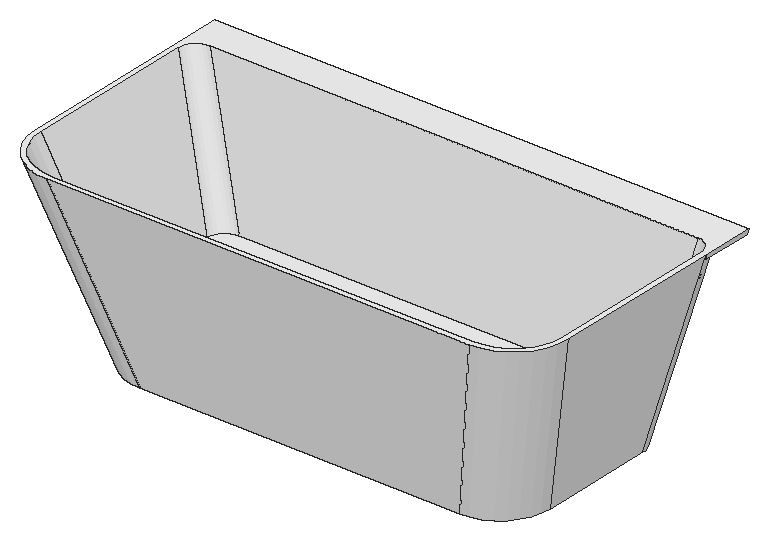
Revit family "PlumFix_Bath_ABEY_Patinato_Petite ClearStone_1524mm_Face Based", category Plumbing Fixtures, host Face, Revit 2016
Family settings
  Host = Face
  Part Type = Normal
  Round Connector Dimension = Use Diameter
  OmniClass Number = 23.45.05.14.21
  OmniClass Title = Bathtubs
  Cut with Voids When Loaded = Yes
  Shared = No
  Room Calculation Point = No
Parameters (values of type "1524w x 800d x 550h")
  Waste Connection = yes
  Vent Connection = no
  URL = "https://www.abey.com.au/"
  Type Comments = "1524w"
  ModifiedIssue_ANZRS = 20190823
  Model = "22829"
  Manufacturer_URL__Product Specific = "https://www.abey.com.au/product/bathroom/patinato-petite-1524-clearstone-bath/"
  Manufacturer_Spec Code = Model  # "22829"
  Manufacturer_Overall Width = 1524 mm  # constant formula
  Manufacturer_Overall Height = 550 mm  # constant formula
  Manufacturer_Overall Depth = 800 mm  # constant formula
  Manufacturer = "Abey Australia"  # constant formula
  Keynote = ""
  HW Connection = no
  Description = "Patinato - Petite 1524mm ClearStone Bath - White Stone"
  Default Elevation = 0 mm
  CreatedBy_ANZRS = "IGS BIM Solutions"  # constant formula
  CreatedByURL_ANZRS = "https://igsgroup.com.au"
  CW Connection = no
  BodyMaterial = z_Abey_White Stone
  Assembly Code = "0.00"
Reference planes
  plane 1 "Center (Front/Back)": y = -40
  plane 2 "Bottom": z = 0
  plane 3 "Center (Left/Right)": x = 40.57
  plane 4 "Front": y = -440
  plane 5 "Left": x = -721.43
  plane 6 "Right": x = 802.57
  plane 7 "Top": z = 550
  plane 8 "Bottom1": z = -64
  plane 9 "Back": y = 360
  plane 10 "Center (Elevation)": z = 275
Text (mm)
  text "Disclaimer:\n\nDue to ongoing product development and manufacturing evolution, product details are subject to change without notice.\n\nPlease refer to product technical data sheets on the manufacturer's website for the most current product information. Please allow a +/- 5mm manufacturing tolerance for dimensions and set-outs shown in product literature." at (1088.866, 252.072, 0), in view "Ref. Level_Instruction"
Dimensions and locks
  "Manufacturer_Overall Height": plane 7 "Top" to plane 2 "Bottom"
  equal spacing: plane 5 "Left", plane 3 "Center (Left/Right)", plane 6 "Right"
  "Manufacturer_Overall Width": plane 5 "Left" to plane 6 "Right"
  locked: plane 2 "Bottom" to plane 8 "Bottom1" at 64
  equal spacing: plane 4 "Front", plane 1 "Center (Front/Back)", plane 9 "Back"
  "Manufacturer_Overall Depth": plane 4 "Front" to plane 9 "Back"
  equal spacing: plane 7 "Top", plane 10 "Center (Elevation)", plane 2 "Bottom"
  aligned and locked: plane 2 "Bottom" to host face
  aligned and locked: level to host face
  aligned and locked: nested 1 to plane 1 "Center (Front/Back)"
  aligned and locked: plane 3 "Center (Left/Right)" to nested 1
Automatic sketch dimensions
  host sketch curve to host sketch curve = 1524 mm
  host sketch curve to host sketch curve = 800 mm
Nested families
  nested 1: "z_PlumFix_Bath_ABEY_Patinato_Petite ClearStone_1524mm" at (-57.451, 425.75, 0), type "22829"
Connectors
  piping at (40.57, -40, 38), diameter 50
    settings: on nested 1, index 1, connector inside diameter 24", connector length 0 mm, flow factor 0, pipe flow 0.00 L/s, pressure drop 0 kPa, fitting loss kfactor 0, connector angle 0.00°, fixture units 0, engagement length 0 mm, angle of deflection 0.00°, flow configuration 1, flow direction 2, fitting loss method 4, system type 16, joint type 0, gender type 0, connector reference index -1, connector utility 0, adjustable connector no, is connector primary yes, connector description "Waste Drain"
Definition of nested family "z_PlumFix_Bath_ABEY_Patinato_Petite ClearStone_1524mm"
  Parameters (values of type "Type 1")
    Waste Connection = yes
    WFU = 0
    Vent Connection = no
    URL = ""
    Type Comments = ""
    ModifiedIssue_ANZRS = 0
    Model = ""
    Manufacturer_URL__Product Specific = ""
    Manufacturer_Spec Code = ""
    Manufacturer_Overall Width = 1524 mm  # constant formula
    Manufacturer_Overall Height = 550 mm  # constant formula
    Manufacturer_Overall Depth = 800 mm  # constant formula
    Manufacturer = ""
    Keynote = ""
    HWFU = 0
    HW Connection = no
    Description = ""
    Default Elevation = 0 mm
    CreatedBy_ANZRS = ""
    CreatedByURL_ANZRS = ""
    Cost = 0
    CWFU = 0
    CW Connection = no
    BodyMaterial = none
    Assembly Code = ""
  Reference planes
    plane 1 "Ref. Level": z = 0
    plane 2 "Center (Left/Right)": x = 98.02
    plane 3 "Back": y = -65.75
    plane 4 "Left": x = -663.98
    plane 5 "Front": y = -865.75
    plane 6 "Right": x = 860.02
    plane 7 "Top": z = 550
    plane 8 "Center (Elevation)": z = 275
    plane 9 "Bottom": z = 0
    plane 10 "Center (Front/Back)": y = -465.75
  Forms (mm)
    Blend 1, solid, material <- "BodyMaterial"
      base sketch origin (0, 0, 550) x (-1, 0, 0) y (0, -1, 0)
        loop
          arc (598.98, 150.75) -> (644.942, 169.788) -> (663.98, 215.75) r 65
          line (663.98, 215.75) -> (663.98, 705.75)
          arc (663.98, 705.75) -> (617.117, 818.887) -> (503.98, 865.75) r 160
          line (503.98, 865.75) -> (-700.02, 865.75)
          arc (-700.02, 865.75) -> (-813.157, 818.887) -> (-860.02, 705.75) r 160
          line (-860.02, 705.75) -> (-860.02, 215.75)
          arc (-860.02, 215.75) -> (-840.982, 169.788) -> (-795.02, 150.75) r 65
          line (-795.02, 150.75) -> (598.98, 150.75)
      top sketch origin (0, 0, 550) x (-1, 0, 0) y (0, -1, 0)
        loop
          arc (453.98, 191.75) -> (489.335, 206.395) -> (503.98, 241.75) r 50
          line (503.98, 241.75) -> (503.98, 570.75)
          arc (503.98, 570.75) -> (461.51, 673.28) -> (358.98, 715.75) r 145
          line (358.98, 715.75) -> (-555.02, 715.75)
          arc (-555.02, 715.75) -> (-657.551, 673.28) -> (-700.02, 570.75) r 145
          line (-700.02, 570.75) -> (-700.02, 241.75)
          arc (-700.02, 241.75) -> (-685.375, 206.395) -> (-650.02, 191.75) r 50
          line (-650.02, 191.75) -> (453.98, 191.75)
      from 0 to -550
    Blend 2, void
      base sketch origin (0, 0, 550) x (-1, 0, 0) y (0, -1, 0)
        loop
          line (-795.02, 165.75) -> (598.98, 165.75)
          arc (598.98, 165.75) -> (634.335, 180.395) -> (648.98, 215.75) r 50
          line (648.98, 215.75) -> (648.98, 705.75)
          arc (648.98, 705.75) -> (606.51, 808.28) -> (503.98, 850.75) r 145
          line (503.98, 850.75) -> (-700.02, 850.75)
          arc (-700.02, 850.75) -> (-802.551, 808.28) -> (-845.02, 705.75) r 145
          line (-845.02, 705.75) -> (-845.02, 215.75)
          arc (-845.02, 215.75) -> (-830.375, 180.395) -> (-795.02, 165.75) r 50
      top sketch origin (0, 0, 550) x (-1, 0, 0) y (0, -1, 0)
        loop
          arc (486.553, 200.75) -> (523.271, 215.959) -> (538.48, 252.677) r 51.927
          line (538.48, 252.677) -> (538.48, 589.162)
          arc (538.48, 589.162) -> (494.374, 695.644) -> (387.892, 739.75) r 150.588
          line (387.892, 739.75) -> (-583.932, 739.75)
          arc (-583.932, 739.75) -> (-690.414, 695.644) -> (-734.52, 589.162) r 150.588
          line (-734.52, 589.162) -> (-734.52, 252.677)
          arc (-734.52, 252.677) -> (-719.311, 215.959) -> (-682.593, 200.75) r 51.927
          line (-682.593, 200.75) -> (486.553, 200.75)
      from 0 to -430
    Extrusion 3, solid, material <- "BodyMaterial"
      sketch origin (0, 0, 550) x (-1, 0, 0) y (0, -1, 0)
        loop
          line (598.98, 165.75) -> (-795.02, 165.75)
          arc (-795.02, 165.75) -> (-830.375, 180.395) -> (-845.02, 215.75) r 50
          line (-845.02, 215.75) -> (-860.02, 215.75) -> (-860.02, 65.75) -> (663.98, 65.75) -> (663.98, 215.75) -> (648.98, 215.75)
          arc (648.98, 215.75) -> (634.335, 180.395) -> (598.98, 165.75) r 50
      from 0 to -15
    Extrusion 4, void
      sketch origin (0, -865.75, 0) x (-1, 0, 0) y (0, 0, -1)
        loop
          line (-860.02, -550) -> (-855.652, -535) -> (-862.568, -535) -> (-862.568, -550) -> (-860.02, -550)
      from -625.626 to -820.849
    Extrusion 5, void
      sketch origin (196.04, -865.75, 0) x (1, 0, 0) y (0, 0, 1)
        loop
          line (-860.02, 550) -> (-862.568, 550) -> (-862.568, 535) -> (-855.652, 535) -> (-860.02, 550)
      from -625.626 to -820.849
    Blend 6, void
      base sketch origin (0, 0, 550) x (-1, 0, 0) y (0, -1, 0)
        loop
          arc (468.98, 200.75) -> (504.335, 215.395) -> (518.98, 250.75) r 50
          line (518.98, 250.75) -> (518.98, 579.75)
          arc (518.98, 579.75) -> (476.51, 682.28) -> (373.98, 724.75) r 145
          line (373.98, 724.75) -> (-568.02, 724.75)
          arc (-568.02, 724.75) -> (-671.965, 681.695) -> (-715.02, 577.75) r 147
          line (-715.02, 577.75) -> (-715.02, 252.75)
          arc (-715.02, 252.75) -> (-699.79, 215.98) -> (-663.02, 200.75) r 52
          line (-663.02, 200.75) -> (468.98, 200.75)
      top sketch origin (0, 0, 550) x (-1, 0, 0) y (0, -1, 0)
        loop
          arc (439.217, 206.75) -> (472.637, 220.593) -> (486.48, 254.013) r 47.263
          line (486.48, 254.013) -> (486.48, 565.002)
          arc (486.48, 565.002) -> (446.335, 661.919) -> (349.418, 702.064) r 137.062
          line (349.418, 702.064) -> (-545.458, 702.064)
          arc (-545.458, 702.064) -> (-642.375, 661.919) -> (-682.52, 565.002) r 137.062
          line (-682.52, 565.002) -> (-682.52, 254.013)
          arc (-682.52, 254.013) -> (-668.677, 220.593) -> (-635.257, 206.75) r 47.263
          line (-635.257, 206.75) -> (439.217, 206.75)
      from -450 to -550
    Revolve 7, void
      sketch origin (-25.068, -465.75, 4000) x (-1, 0, 0) y (0, 0, 1)
        loop
          line (-123.088, -4000) -> (-123.088, -3872.811) -> (-156.445, -3872.811) -> (-150.873, -3904.41) -> (-148.088, -3904.41) -> (-148.088, -4000) -> (-123.088, -4000)
        axis (-123.088, -4000) -> (-123.088, -3872.811)
      angle from 0 to 360
    Revolve 8, solid, material <- "BodyMaterial"
      sketch origin (-25.068, -465.75, 4000) x (-1, 0, 0) y (0, 0, 1)
        loop
          line (-148.088, -3900) -> (-166.142, -3900) -> (-163.879, -3907) -> (-148.088, -3907) -> (-148.088, -3900)
        axis (-123.088, -3900) -> (-123.088, -3907)
      angle from 0 to 360
  Cuts and joins
    Blend 2, Blend 6, Revolve 7 cuts Blend 1
    Extrusion 4, Extrusion 5, Blend 6, Revolve 7 cuts Extrusion 3
    joined: Blend 1, Extrusion 3, Revolve 8
  Lines and regions (mm)
    Masking region 1
      outline origin (0, -865.75, 0) x (-1, 0, 0) y (0, 0, 1)
        loop
          line (663.98, 550) -> (-860.02, 550) -> (-700.02, 0) -> (503.98, 0) -> (663.98, 550)
    Masking region 2
      outline origin (860.02, 0, 0) x (0, 1, 0) y (0, 0, 1)
        loop
          line (-865.75, 550) -> (-715.75, 0) -> (-191.75, 0) -> (-151.868, 535) -> (-65.75, 535) -> (-65.75, 550) -> (-865.75, 550)
    Masking region 3
      outline origin (0, 0, 550) x (-1, 0, 0) y (0, -1, 0)
        loop
          line (-860.02, 65.75) -> (663.98, 65.75) -> (663.98, 705.75)
          arc (663.98, 705.75) -> (617.117, 818.887) -> (503.98, 865.75) r 160
          line (503.98, 865.75) -> (-700.02, 865.75)
          arc (-700.02, 865.75) -> (-813.157, 818.887) -> (-860.02, 705.75) r 160
          line (-860.02, 705.75) -> (-860.02, 65.75)
    symbolic lines, detail levels medium+fine
      curve 1: line (-598.98, -165.75, 550) -> (795.02, -165.75, 550)
      curve 2: arc (-648.98, -215.75, 550) -> (-634.335, -180.395, 550) -> (-598.98, -165.75, 550) r 50
      curve 3: line (-648.98, -705.75, 550) -> (-648.98, -215.75, 550)
      curve 4: arc (-503.98, -850.75, 550) -> (-606.51, -808.28, 550) -> (-648.98, -705.75, 550) r 145
      curve 5: line (700.02, -850.75, 550) -> (-503.98, -850.75, 550)
      curve 6: arc (845.02, -705.75, 550) -> (802.551, -808.28, 550) -> (700.02, -850.75, 550) r 145
      curve 7: line (845.02, -215.75, 550) -> (845.02, -705.75, 550)
      curve 16: circle (98.02, -465.75, 550) r 45 normal (0, 0, -1)
      curve 17: arc (795.02, -165.75, 550) -> (830.375, -180.395, 550) -> (845.02, -215.75, 550) r 50
    symbolic lines, detail levels fine
      curve 8: line (682.593, -200.75, 550) -> (-486.553, -200.75, 550)
      curve 9: arc (-486.553, -200.75, 550) -> (-523.271, -215.959, 550) -> (-538.48, -252.677, 550) r 51.927
      curve 10: line (-538.48, -252.677, 550) -> (-538.48, -589.162, 550)
      curve 11: arc (-538.48, -589.162, 550) -> (-494.374, -695.644, 550) -> (-387.892, -739.75, 550) r 150.588
      curve 12: line (-387.892, -739.75, 550) -> (583.932, -739.75, 550)
      curve 13: arc (583.932, -739.75, 550) -> (690.414, -695.644, 550) -> (734.52, -589.162, 550) r 150.588
      curve 14: line (734.52, -589.162, 550) -> (734.52, -252.677, 550)
      curve 15: arc (734.52, -252.677, 550) -> (719.311, -215.959, 550) -> (682.593, -200.75, 550) r 51.927
      curve 18: circle (98.02, -465.75, 550) r 49.521 normal (0, 0, 1)
  Dimensions and locks
    "Manufacturer_Overall Depth": plane 5 "Front" to plane 3 "Back"
    equal spacing: plane 4 "Left", plane 2 "Center (Left/Right)", plane 6 "Right"
    "Manufacturer_Overall Width": plane 4 "Left" to plane 6 "Right"
    "Manufacturer_Overall Height": plane 7 "Top" to plane 9 "Bottom"
    equal spacing: plane 7 "Top", plane 8 "Center (Elevation)", plane 9 "Bottom"
    equal spacing: plane 5 "Front", plane 10 "Center (Front/Back)", plane 3 "Back"
    aligned and locked: plane 4 "Left" to Blend 1 sketch curve
    aligned and locked: Blend 1 sketch curve to plane 5 "Front"
    aligned and locked: Blend 1 sketch curve to plane 6 "Right"
    aligned and locked: cut or joined group of Blend 1, Blend 2, Extrusion 3, Extrusion 4, Extrusion 5, Blend 6, Revolve 7, Revolve 8 to Revolve 8 sketch curve
    aligned and locked: Revolve 8 sketch curve to plane 2 "Center (Left/Right)"
  Automatic sketch dimensions
    Blend 1 sketch curve to Blend 1 sketch curve = 65 mm
    Blend 1 sketch curve to Blend 1 sketch curve = 160 mm
    plane 4 "Left" to Blend 1 sketch curve = 160 mm
    plane 4 "Left" to Blend 1 sketch curve = 65 mm
    plane 3 "Back" to Blend 1 sketch curve = 150 mm
    Blend 1 sketch curve to plane 6 "Right" = 160 mm
    Blend 1 sketch curve to Blend 1 sketch curve = 50 mm
    Blend 1 sketch curve to Blend 1 sketch curve = 145 mm
    Blend 1 sketch curve to plane 5 "Front" = 150 mm
    plane 4 "Left" to Blend 1 sketch curve = 305 mm
    plane 4 "Left" to Blend 1 sketch curve = 210 mm
    Blend 1 sketch curve to plane 10 "Center (Front/Back)" = 105 mm
    plane 3 "Back" to Blend 1 sketch curve = 176 mm
    Blend 2 sketch curve to plane 6 "Right" = 15 mm
    Blend 2 sketch curve to Blend 2 sketch curve = 50 mm
    Blend 2 sketch curve to plane 5 "Front" = 15 mm
    Blend 2 sketch curve to plane 6 "Right" = 160 mm
    plane 4 "Left" to Blend 2 sketch curve = 160 mm
    plane 4 "Left" to Blend 2 sketch curve = 65 mm
    plane 4 "Left" to Blend 2 sketch curve = 15 mm
    plane 3 "Back" to Blend 2 sketch curve = 150 mm
    Blend 2 sketch curve to plane 6 "Right" = 125.5 mm
    Blend 2 sketch curve to Blend 2 sketch curve = 51.927 mm
    Blend 2 sketch curve to Blend 2 sketch curve = 150.588 mm
    Blend 2 sketch curve to plane 5 "Front" = 126 mm
    plane 4 "Left" to Blend 2 sketch curve = 276.088 mm
    plane 4 "Left" to Blend 2 sketch curve = 177.427 mm
    Blend 2 sketch curve to plane 10 "Center (Front/Back)" = 123.412 mm
    plane 3 "Back" to Blend 2 sketch curve = 186.927 mm
    plane 3 "Back" to Extrusion 3 sketch curve = 0 mm
    Extrusion 3 sketch curve to plane 6 "Right" = 0 mm
    Extrusion 3 sketch curve to plane 4 "Left" = 0 mm
    Extrusion 3 sketch curve to Extrusion 3 sketch curve = 15 mm
    Extrusion 3 sketch curve to plane 6 "Right" = 65 mm
    plane 4 "Left" to Extrusion 3 sketch curve = 65 mm
    plane 4 "Left" to Extrusion 3 sketch curve = 15 mm
    plane 3 "Back" to Extrusion 3 sketch curve = 100 mm
    Extrusion 4 sketch curve to plane 7 "Top" = 0 mm
    Extrusion 4 sketch curve to plane 6 "Right" = 0 mm
    Extrusion 4 sketch curve to plane 6 "Right" = 2.547 mm
    plane 6 "Right" to Extrusion 4 sketch curve = 4.368 mm
    Extrusion 4 sketch curve to Extrusion 4 sketch curve = 15 mm
    Extrusion 5 sketch curve to plane 7 "Top" = 0 mm
    Extrusion 5 sketch curve to plane 4 "Left" = 0 mm
    Extrusion 5 sketch curve to plane 4 "Left" = 2.547 mm
    plane 4 "Left" to Extrusion 5 sketch curve = 4.368 mm
    Extrusion 5 sketch curve to Extrusion 5 sketch curve = 15 mm
    Blend 6 sketch curve to plane 6 "Right" = 177.5 mm
    Blend 6 sketch curve to Blend 6 sketch curve = 47.263 mm  (x2)
    Blend 6 sketch curve to Blend 6 sketch curve = 137.062 mm
    Blend 6 sketch curve to plane 5 "Front" = 163.686 mm
    plane 4 "Left" to Blend 6 sketch curve = 314.562 mm
    plane 4 "Left" to Blend 6 sketch curve = 224.763 mm
    plane 3 "Back" to Blend 6 sketch curve = 188.263 mm
    Blend 6 sketch curve to Blend 6 sketch curve = 52 mm
    Blend 6 sketch curve to Blend 6 sketch curve = 147 mm
    Blend 6 sketch curve to plane 5 "Front" = 141 mm
    plane 4 "Left" to Blend 6 sketch curve = 195 mm
    Blend 6 sketch curve to plane 10 "Center (Front/Back)" = 114 mm
    plane 3 "Back" to Blend 6 sketch curve = 185 mm
    plane 4 "Left" to Blend 6 sketch curve = 290 mm
    Blend 6 sketch curve to plane 6 "Right" = 292 mm
    plane 2 "Center (Left/Right)" to Revolve 8 sketch curve = 25 mm
    Revolve 8 sketch curve to Revolve 8 sketch curve = 15.79 mm
    Revolve 8 sketch curve to Revolve 8 sketch curve = 2.264 mm
    Revolve 8 sketch curve to Revolve 8 sketch curve = 0 mm
    Revolve 8 sketch curve to Revolve 8 sketch curve = 7 mm  (x2)
    Masking region 1 sketch curve to plane 9 "Bottom" = 0 mm
    Masking region 1 sketch curve to plane 4 "Left" = 0 mm
    plane 7 "Top" to Masking region 1 sketch curve = 0 mm
    plane 4 "Left" to Masking region 1 sketch curve = 160 mm
    Masking region 1 sketch curve to plane 6 "Right" = 160 mm
    plane 6 "Right" to Masking region 1 sketch curve = 0 mm
    Masking region 2 sketch curve to plane 5 "Front" = 0 mm
    Masking region 2 sketch curve to plane 9 "Bottom" = 0 mm
    Masking region 2 sketch curve to plane 3 "Back" = 0 mm
    Masking region 2 sketch curve to plane 7 "Top" = 0 mm
    Masking region 2 sketch curve to plane 5 "Front" = 150 mm
    plane 3 "Back" to Masking region 2 sketch curve = 126 mm
    Masking region 2 sketch curve to plane 7 "Top" = 15 mm
    Masking region 2 sketch curve to Masking region 2 sketch curve = 86.118 mm
    curve 16 to curve 18 = 0 mm  (x2)
    curve 16 to plane 2 "Center (Left/Right)" = 0 mm
    curve 16 to plane 10 "Center (Front/Back)" = 0 mm
    curve 12 to plane 5 "Front" = 126 mm
    curve 12 to plane 6 "Right" = 276.088 mm
    curve 15 to plane 6 "Right" = 177.427 mm
    curve 5 to plane 5 "Front" = 15 mm
    curve 5 to plane 6 "Right" = 160 mm
    curve 14 to curve 6 = 34.5 mm
    curve 17 to plane 6 "Right" = 65 mm
    curve 7 to plane 6 "Right" = 15 mm
    plane 4 "Left" to curve 12 = 276.088 mm
    plane 4 "Left" to curve 8 = 177.427 mm
    curve 11 to curve 4 = 116.088 mm
    curve 9 to curve 10 = 51.927 mm
    plane 4 "Left" to curve 2 = 65 mm
    plane 4 "Left" to curve 3 = 15 mm
    plane 3 "Back" to curve 9 = 186.927 mm
    curve 3 to curve 9 = 36.927 mm
    Revolve 7 sketch curve to level = 0 mm  (x2)
    Revolve 7 sketch curve to plane 2 "Center (Left/Right)" = 0 mm  (x2)
    plane 2 "Center (Left/Right)" to Revolve 7 sketch curve = 25 mm
    Revolve 7 sketch curve to Revolve 7 sketch curve = 2.785 mm
    Revolve 7 sketch curve to Revolve 7 sketch curve = 5.572 mm
    level to Revolve 7 sketch curve = 95.59 mm
    Revolve 7 sketch curve to Revolve 7 sketch curve = 31.599 mm
    Revolve 7 sketch curve to Revolve 7 sketch curve = 9.375 mm
    plane 3 "Back" to Masking region 3 sketch curve = 0 mm
    Masking region 3 sketch curve to plane 6 "Right" = 0 mm
    plane 5 "Front" to Masking region 3 sketch curve = 0 mm
    Masking region 3 sketch curve to plane 4 "Left" = 0 mm
    Masking region 3 sketch curve to plane 6 "Right" = 160 mm
    plane 4 "Left" to Masking region 3 sketch curve = 160 mm
    radius of curve 16 = 45 mm
    radius of curve 18 = 49.521 mm
  Nested families
    nested 1: "z_Waste_50mm" at (102.5, -513.25, 38), type "Waste 50mm"
  Definition of nested family "z_Waste_50mm"
    Parameters (values of type "Waste 50mm")
      Waste Connection = yes
      WFU = 0
      Vent Connection = no
      URL = ""
      Type Comments = ""
      ModifiedIssue_ANZRS = 20190802
      Body Material = none
      Model = ""
      Manufacturer_Overall Width = 90 mm  # constant formula
      Manufacturer_Overall Height = 87 mm  # constant formula
      Manufacturer_Overall Depth = 90 mm  # constant formula
      Manufacturer = ""
      Keynote = ""
      HWFU = 0
      HW Connection = no
      CreatedBy_ANZRS = "IGS BIM Solutions"  # constant formula
      CreatedByURL_ANZRS = "http://www.igsgroup.com.au"
      Description = ""
      Cost = 0
      CWFU = 0
      CW Connection = yes
      Assembly Code = ""
    Reference planes
      plane 1 "Center (Front/Back)": y = 47.5
      plane 2 "Ref. Level": z = 0
      plane 3 "Front": y = 2.5
      plane 4 "Back": y = 92.5
      plane 5 "Center (Left/Right)": x = -4.48
      plane 6 "Left": x = -49.48
      plane 7 "Right": x = 40.52
      plane 8 "Bottom": z = 0
      plane 9 "STD Right": x = 20.52
      plane 10 "STD Left": x = -29.48
      plane 11 "Top": z = 87
      plane 12 "Sink Ref": z = 79.908
    Forms (mm)
      Revolve 1, solid, material <- "Body Material"
        sketch origin (0, 47.5, 0) x (1, 0, 0) y (0, 0, 1)
          loop
            arc (40.52, 83.451) -> (18.09, 86.111) -> (-4.48, 87) r 287.1
            line (-4.48, 87) -> (-4.48, 84)
            arc (-4.48, 84) -> (6.027, 83.806) -> (16.52, 83.223) r 284.1
            line (16.52, 83.223) -> (16.52, 0) -> (20.52, 0) -> (20.52, 19.97) -> (19.27, 19.97) -> (19.27, 58.687)
            arc (19.27, 58.687) -> (28.133, 66.383) -> (35.52, 75.504) r 67.144
            line (35.52, 75.504) -> (35.52, 79.471) -> (40.52, 79.908) -> (40.52, 83.451)
          axis (-4.48, 87) -> (-4.48, 0)
        angle from 0 to 360
    Lines and regions (mm)
      symbolic lines, detail levels medium+fine
        curve 1: line (28.535, 2.5, 79.908) -> (-37.495, 2.5, 79.908)
    Text (mm)
      text "Disclaimer:\n\nDue to ongoing product development and manufacturing evolution, product details are subject to change without notice. Please refer to product technical data sheets on the manufacturer’s website for the most current product information. Please allow a +/- 5mm manufacturing tolerance for dimensions and set-outs shown in product literature." at (269.973, 206.593, 0), in view "Ref. Level_Instruction"
    Dimensions and locks
      equal spacing: plane 3 "Front", plane 1 "Center (Front/Back)", plane 4 "Back"
      equal spacing: plane 6 "Left", plane 5 "Center (Left/Right)", plane 7 "Right"
      "Manufacturer_Overall Depth": plane 3 "Front" to plane 4 "Back"
      "Manufacturer_Overall Width": plane 6 "Left" to plane 7 "Right"
      equal spacing: plane 9 "STD Right", plane 5 "Center (Left/Right)", plane 10 "STD Left"
      plane 9 "STD Right" to plane 10 "STD Left" = 50 mm
      "Manufacturer_Overall Height": plane 11 "Top" to plane 8 "Bottom"
      locked: plane 11 "Top" to plane 12 "Sink Ref" at 7.092
    Automatic sketch dimensions
      curve 1 to plane 12 "Sink Ref" = 0 mm
      curve 1 to plane 6 "Left" = 11.985 mm
      curve 1 to plane 7 "Right" = 11.985 mm
      Revolve 1 sketch curve to Revolve 1 sketch curve = 0 mm  (x2)
      plane 5 "Center (Left/Right)" to Revolve 1 sketch curve = 0 mm
      Revolve 1 sketch curve to plane 5 "Center (Left/Right)" = 0 mm
      Revolve 1 sketch curve to level = 0 mm
      Revolve 1 sketch curve to plane 9 "STD Right" = 0 mm
      plane 7 "Right" to Revolve 1 sketch curve = 0 mm
      Revolve 1 sketch curve to plane 12 "Sink Ref" = 0 mm
      Revolve 1 sketch curve to plane 11 "Top" = 0 mm
      plane 10 "STD Left" to Revolve 1 sketch curve = 9.328 mm
      Revolve 1 sketch curve to plane 9 "STD Right" = 4 mm
      Revolve 1 sketch curve to plane 9 "STD Right" = 1.25 mm
      Revolve 1 sketch curve to plane 12 "Sink Ref" = 0.437 mm
      plane 7 "Right" to Revolve 1 sketch curve = 5 mm
      Revolve 1 sketch curve to level = 200.1 mm
      Revolve 1 sketch curve to Revolve 1 sketch curve = 19.97 mm
      Revolve 1 sketch curve to plane 12 "Sink Ref" = 21.221 mm
      Revolve 1 sketch curve to Revolve 1 sketch curve = 3.967 mm
      plane 12 "Sink Ref" to Revolve 1 sketch curve = 3.314 mm
      Revolve 1 sketch curve to level = 23 mm
      Revolve 1 sketch curve to Revolve 1 sketch curve = 10.196 mm
